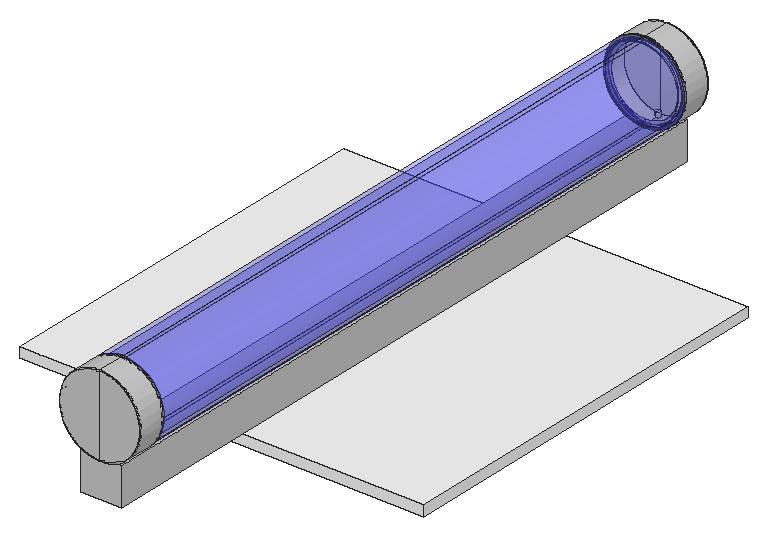
Revit family "BE_24592_de_DE", category Leuchten, Revit 2020
Family settings
  Basisbauteil = Fläche
  Bemaßung runder Anschluss = Durchmesser verwenden
  Teiletyp = Normal
  Beim Laden mit Abzugskörper schneiden = Ja
  Lichtquelle = Ja
  Gemeinsam genutzt = Nein
  Raumberechnungspunkt = Ja
Parameters (values of type "BEGA_24592_Silber_K4")
  built-in parameter 1150104 = 14.01 (stored number, unit not read)
  Wattage = 23.6 W
  Default Elevation = 0 mm
  built-in parameter 1150113 = 1 (stored number, unit not read)
  built-in parameter 1114218 = 1 (stored number, unit not read)
  Umgebungstemperatur = "25 °C"
  URL = "https://www.bega.com/de/produkt/24592"
  Typenkommentare = "© 2022 BEGA. Wir behalten uns das Recht vor, technische Änderungen ohne vorherige Ankündigung vorzunehmen."  # constant formula
  Type Image = 24592.png
  built-in parameter 1150134 = 12
  built-in parameter 1150109 = 1 (stored number, unit not read)
  Strom = ""
  built-in parameter 1150110 = 1 (stored number, unit not read)
  Spannung = 239.996 V
  Sonderanfertigung = no
  Seriennummer [instance] = "Hier können Sie die eindeutige Seriennummer für das Facility Management eintragen."
  Schutzklasse = "I"
  Schutzart = "IP 65"
  Scheinlast = 0 VA
  Produktdatenblatt = "https://cdn.bega.com/bega/products/24592K3/current/documents/data-sheets/de"
  Oberflächentemperatur = ""
  Neigungswinkel = 0.00°
  Modell = "24592AK4"
  Material_18 = BEGA_Gummi_schwarz
  Material_17 = BEGA_Reflektor
  Material_15 = BEGA_Leuchtmedium_matt
  Material_11 = BEGA_Glas_opal
  Material_09 = BEGA_Glas_klar
  Material_06 = BEGA_Oberfläche_Edelstahl_gebürstet
  Material_05 = BEGA_Oberfläche_Aluminium Guss
  Material_03 = BEGA_Oberfläche_Weiss_matt
  Material_02 = BEGA_Oberfläche_Silber_matt
  Material_01 [instance] = BEGA_Oberfläche_Grafit_matt
  M_W = no
  M_G = no
  M_A = yes
  Logo = 0
  built-in parameter 1114217 = 1 (stored number, unit not read)
  built-in parameter 1150139 = (empty or 0)
  built-in parameter 1150105 = 283.21 (stored number, unit not read)
  built-in parameter 1150114 = 1 (stored number, unit not read)
  Lumens = 3558.88 lm
  built-in parameter 1150115 = 1 (stored number, unit not read)
  Leuchtenlichtstrom = "2680 lm"
  Leuchtenanzahl = ""
  Lebensdauerkriterien = "L70B50 @ 25 °C = 144000 h"
  Lastklassifizierung = Beleuchtung
  built-in parameter 1150112 = 1 (stored number, unit not read)
  Lampenlichtstrom = "4480 lm"
  Lampe = "LED 23.2 W"
  LED_Modulbezeichnung = "4x LED-0627/840"
  built-in parameter 1150142 = (empty or 0)
  Hersteller = "BEGA"  # constant formula
  Halbstreuwinkel = ""
  Gewicht = "3.35 kg"
  Gebrauchslageneinschränkung [instance] = ""
  Frequenz = "0/50-60 Hz"
  Farbwiedergabeindex = "CRI > 80"
  Farbtemperaturverschiebung bei Dämpfen der Lampe = <Keine Auswahl>
  Farbtemperatur = "4000 K"
  Color Filter = 16777215
  built-in parameter 1150133 = 10 (stored number, unit not read)
  Energieeffizienzklasse = "LED A++ - A"
  built-in parameter 1150137 = (empty or 0)
  built-in parameter 1150132 = (empty or 0)
  ENEC = "ja"
  Dimmbar [instance] = "DALI"
  Datei für fotometrisches Netz = "BE_24592K4.IES"
  CE_Konformität = "ja"
  Bestellnummer = "24592AK4"
  Beschreibung_Sonderanfertigung = "Hier können Sie Informationen zur Sonderanfertigung eintragen."
  Beschreibung = "Wandleuchte"
  built-in parameter 1150106 = 2.8321 (stored number, unit not read)
  Befestigungsbohrung = "Ø 6 mm"
  Befestigungsabstand = "400 mm"
  Ballwurfsicher = ""
  BEGA_Intern_aus = yes
  BEGA_Intern_an = yes
  BEGA_Intern_Konstruktion = yes
  BEGA_Intern = yes
  BEGA_IES = yes
  BEGA_Dummy = no
  Anschlussleitung = ""
  Anschlussleistung [instance] = "27 W"
  Anschlusskasten = ""
  built-in parameter 1150107 = 4000 (stored number, unit not read)
  built-in parameter 1150102 = (empty or 0)
  built-in parameter 1150138 = (empty or 0)
  Aktualisierung = "2022-05-18T04:00:07"
  Abstand_zur_angestrahlten_Fläche [instance] = ""
  AC/DC = "AC/DC"
Types (4, lengths in mm): name | built-in parameter 1150134 | Modell | M_G | M_A | Leuchtenlichtstrom | Lampenlichtstrom | LED_Modulbezeichnung | Farbtemperatur | Datei für fotometrisches Netz | Bestellnummer | built-in parameter 1150107
  BEGA_24592_Silber_K4 | 12 | "24592AK4" | no | yes | "2680 lm" | "4480 lm" | "4x LED-0627/840" | "4000 K" | "BE_24592K4.IES" | "24592AK4" | 4000 (stored number, unit not read)
  BEGA_24592_Grafit_K4 | 12 | "24592K4" | yes | no | "2680 lm" | "4480 lm" | "4x LED-0627/840" | "4000 K" | "BE_24592K4.IES" | "24592K4" | 4000 (stored number, unit not read)
  BEGA_24592_Grafit_K3 | (empty or 0) | "24592K3" | yes | no | "2644 lm" | "4420 lm" | "4x LED-0627/830" | "3000 K" | "BE_24592K3.IES" | "24592K3" | 3000 (stored number, unit not read)
  BEGA_24592_Silber_K3 | (empty or 0) | "24592AK3" | no | yes | "2644 lm" | "4420 lm" | "4x LED-0627/830" | "3000 K" | "BE_24592K3.IES" | "24592AK3" | 3000 (stored number, unit not read)
Reference planes
  plane 1 "Mitte (Vorne/Hinten)": y = 0
  plane 2: z = 0
  plane 3 "Mitte (Links/Rechts)": x = 0
  plane 4 "Links": x = -40.25
  plane 5 "Rechts": x = 40.25
  plane 6 "Unten": y = -351.029
  plane 7 "Oben": y = 350.971
  plane 8 "Vorne": z = 115.538
  plane 9 "Hinten": z = 0
Forms (mm)
  Extrusion 1, solid, material "BEGA_Platte_Weiss"
    sketch origin (0, -1119.2, 0) x (1, 0, 0) y (0, 1, 0)
      loop
        line (-200, 1319.2) -> (-200, 919.2) -> (200, 919.2) -> (200, 1319.2) -> (-200, 1319.2)
    from 0 to -10
  Extrusion 2, solid, material "BEGA_Dummy_matt", visible <- "BEGA_Dummy"
    sketch origin (80.095, -76.023, 0) x (1, 0, 0) y (0, 1, 0)
      loop
        line (-120.345, 426.994) -> (-120.345, -275.006) -> (-39.845, -275.006) -> (-39.845, 426.994) -> (-120.345, 426.994)
    from 0 to 115.538
Dimensions and locks
  plane 1 "Mitte (Vorne/Hinten)" to Extrusion 1 = 200 mm
  aligned and locked: plane 2 to Extrusion 1
  aligned and locked: level to Extrusion 1
Nested families
  nested 1: "BE_24592" at (0, 0, 0) x (0, -1, 0) z (0, 0, 1), type "BE_24592"
Connectors
  electrical at (0, 0, 0), driven by "Lastklassifizierung", driven by "Spannung", driven by "Scheinlast"
    settings: index 1, voltage 239.996 V, apparent load 0 VA, apparent load phase1 0 VA, apparent load phase2 0 VA, apparent load phase3 0 VA, power factor 1, load classification "Beleuchtung", number of poles 1, system type 31, power factor state 1, is connector primary yes, connector utility no, sub classification motor no, connector description ""
Definition of nested family "BE_24592"
  Parameters (values of type "BE_24592")
    Default Elevation = 1 mm
    URL = "http://www.bega.de/de/produkt"
    Type Comments = "© 2015 BEGA. Wir behalten uns das Recht vor, technische Änderungen ohne vorherige Ankündigung vorzunehmen. "  # constant formula
    Type Image = (empty or 0)
    Neigungswinkel_um_Z2 = 0.00°
    Neigungswinkel_um_Z1 = 0.00°
    Neigungswinkel_um_Y2 = 0.00°
    Neigungswinkel_um_Y1 = 0.00°
    Neigungswinkel_um_X2 = 0.00°
    Neigungswinkel_um_X1 = 0.00°
    Material_18 = none
    Material_17 = none
    Material_15 = none
    Material_11 = none
    Material_09 = none
    Material_06 = none
    Material_05 = none
    Material_02 = none
    Material_01 = none
    M_W = yes
    M_G = yes
    M_A = yes
    Länge_Platte = 800 mm  # constant formula
    Höhe_Platte = -10 mm  # constant formula
    Manufacturer = "BEGA"  # constant formula
    Drehwinkel_um_Z2 = 0.00°
    Drehwinkel_um_Z1 = 0.00°
    Breite_Platte = 200 mm  # constant formula
  Reference planes
    plane 1 "Mitte (Oben/Unten)": y = 0
    plane 2: z = 0
    plane 3 "Mitte (Links/Rechts)": x = 0
    plane 4: y = 40.25
    plane 5: y = -40.25
    plane 6: z = 115.538
    plane 7: x = -350.971
    plane 8: x = 351.029
  Forms (mm)
    Extrusion 1, solid, detail levels medium
      sketch origin (0, 0, 0) x (1, 0, 0) y (0, 1, 0)
        loop
          line (-400, 100) -> (-400, -100) -> (400, -100) -> (400, 100) -> (-400, 100)
      from 0 to -10 <- "Höhe_Platte"
    Extrusion 2, solid, material <- "Material_01", visible <- "M_G", detail levels medium+fine
      sketch origin (0, 0, 0) x (0, 1, 0) y (0, 0, 1)
        loop
          line (20, 37.539) -> (18.186, 39.353)
          arc (18.186, 39.353) -> (0, 35.01) -> (-18.186, 39.353) r 40.25
          line (-18.186, 39.353) -> (-20, 37.539) -> (-20, 0) -> (-17.5, 0) -> (-17.5, 32) -> (17.5, 32) -> (17.5, 0) -> (20, 0) -> (20, 37.539)
      from -348.971 to 349.029
    Extrusion 3, void
      sketch origin (0, 0, 0) x (0, 1, 0) y (0, 0, 1)
        loop
          line (5, 25.9) -> (5, 31.6) -> (3, 31.6) -> (3, 40.21) -> (-3, 40.21) -> (-3, 31.6) -> (-5, 31.6) -> (-5, 25.9) -> (5, 25.9)
      from -349.576 to -333.659
    Extrusion 4, solid, material <- "Material_01", visible <- "M_G", detail levels medium+fine
      sketch origin (0, 0, 0) x (0, 1, 0) y (0, 0, 1)
        loop
          line (17.5, 0) -> (17.5, 32) -> (-17.5, 32) -> (-17.5, 0) -> (17.5, 0)
      from -348.971 to -345.971
    Extrusion 5, solid, material <- "Material_01", visible <- "M_G", detail levels medium+fine
      sketch origin (0, 0, 0) x (0, 1, 0) y (0, 0, -1)
        loop
          line (17.5, 0) -> (-17.5, 0) -> (-17.5, -32) -> (17.5, -32) -> (17.5, 0)
      from -349.029 to -346
    Revolve 6, solid, material <- "Material_01", visible <- "M_G", detail levels medium+fine
      sketch origin (0, 0, 0) x (1, 0, 0) y (0, 0, 1)
        loop
          line (350.529, 115.538) -> (323.829, 115.538) -> (325.128, 113.288) -> (347.031, 113.288)
          arc (347.031, 113.288) -> (347.853, 113.112) -> (348.529, 112.614) r 2
          line (348.529, 112.614) -> (348.529, 75.288) -> (351.029, 75.288) -> (351.029, 115.038)
          arc (351.029, 115.038) -> (350.882, 115.392) -> (350.529, 115.538) r 0.5
        axis (323.829, 75.288) -> (351.029, 75.288)
      angle from 0 to 360
    Revolve 7, solid, material <- "Material_18", detail levels medium+fine
      sketch origin (0, 0, 0) x (1, 0, 0) y (0, 0, 1)
        loop
          line (322.033, 115.521) -> (322.033, 113.604) -> (325.273, 113.604) -> (324.166, 115.521) -> (322.033, 115.521)
        axis (322.033, 75.26) -> (325.273, 75.26)
      angle from 0 to 360
    Revolve 8, solid, material <- "Material_18", detail levels medium+fine
      sketch origin (-0.044, 0, 0) x (-1, 0, 0) y (0, 0, -1)
        loop
          line (323.756, -115.488) -> (324.863, -113.57) -> (321.956, -113.57) -> (321.956, -115.488) -> (323.756, -115.488)
        axis (321.956, -75.26) -> (324.863, -75.26)
      angle from 0 to 360
    Revolve 9, solid, material <- "Material_01", visible <- "M_G", detail levels medium+fine
      sketch origin (0, 0, 0) x (-1, 0, 0) y (0, 0, -1)
        loop
          arc (350.471, -115.538) -> (350.825, -115.392) -> (350.971, -115.038) r 0.5
          line (350.971, -115.038) -> (350.971, -75.288) -> (342.971, -75.288) -> (342.971, -112.621) -> (325.07, -112.621) -> (323.771, -115.538) -> (350.471, -115.538)
        axis (323.771, -75.288) -> (350.971, -75.288)
      angle from 0 to 360
    Extrusion 10, void
      sketch origin (3.871, 0, 0) x (1, 0, 0) y (0, 1, 0)
        loop
          arc (-254, -3) -> (-251, 0) -> (-254, 3) r 3
          line (-254, 3) -> (-263.39, 3)
          arc (-263.39, 3) -> (-273.5, 0) -> (-263.39, -3) r 5.5
          line (-263.39, -3) -> (-254, -3)
        loop
          arc (146, -3) -> (149, 0) -> (146, 3) r 3
          line (146, 3) -> (136.61, 3)
          arc (136.61, 3) -> (126.5, 0) -> (136.61, -3) r 5.5
          line (136.61, -3) -> (146, -3)
      from 0 to 6.51
    Extrusion 11, solid, material <- "Material_01", visible <- "M_G", detail levels medium+fine
      sketch origin (5.029, 0, 0) x (1, 0, 0) y (0, 0, 1)
        loop
          line (-279, 3) -> (-279, 0) -> (-245, 0) -> (-245, 3) -> (-279, 3)
        loop
          line (121, 3) -> (121, 0) -> (155, 0) -> (155, 3) -> (121, 3)
      from -17.994 to 18.5
    Revolve 12, solid, material <- "Material_06", detail levels fine
      sketch origin (0, 0, 0) x (1, 0, 0) y (0, 0, 1)
        loop
          line (-341.221, 42.072) -> (-341.221, 32.022) -> (-342.721, 32.022)
          arc (-342.721, 32.022) -> (-343.075, 31.876) -> (-343.221, 31.522) r 0.5
          line (-343.221, 31.522) -> (-343.221, 29.022)
          arc (-343.221, 29.022) -> (-343.075, 28.669) -> (-342.721, 28.522) r 0.5
          line (-342.721, 28.522) -> (-338.971, 28.522) -> (-338.971, 42.072) -> (-341.221, 42.072)
        axis (-338.971, 28.522) -> (-338.971, 42.072)
      angle from 0 to 360
    Revolve 13, solid, material <- "Material_11", detail levels medium+fine
      sketch origin (0, 0, 0) x (1, 0, 0) y (0, 0, 1)
        loop
          line (322, 115.288) -> (-322, 115.288) -> (-322, 113.288)
          arc (-322, 113.288) -> (-322.469, 112.096) -> (-323.625, 111.542) r 1.75
          line (-323.625, 111.542) -> (-323.625, 108.54)
          arc (-323.625, 108.54) -> (-321, 109.415) -> (-319.308, 111.604) r 4.75
          arc (-319.308, 111.604) -> (-318.944, 112.099) -> (-318.36, 112.288) r 1
          line (-318.36, 112.288) -> (318.345, 112.288)
          arc (318.345, 112.288) -> (318.916, 112.109) -> (319.283, 111.636) r 1
          arc (319.283, 111.636) -> (320.973, 109.425) -> (323.611, 108.54) r 4.75
          line (323.611, 108.54) -> (323.611, 111.542)
          arc (323.611, 111.542) -> (322.532, 112.018) -> (322, 113.071) r 1.75
          line (322, 113.071) -> (322, 115.288)
        axis (-323.625, 75.26) -> (323.611, 75.26)
      angle from 0 to 360
    Revolve 14, solid, material <- "Material_06", detail levels fine
      sketch origin (0, 0, 0) x (1, 0, 0) y (0, 0, 1)
        loop
          line (-351.221, 84.038) -> (-351.221, 75.288) -> (-347.936, 75.288) -> (-347.936, 85.038) -> (-350.221, 85.038) -> (-351.221, 84.038)
        axis (-347.936, 75.288) -> (-351.221, 75.288)
      angle from 0 to 360
    Extrusion 15, solid, material <- "Material_02", visible <- "M_A", detail levels medium+fine
      sketch origin (0, 0, 0) x (0, 1, 0) y (0, 0, 1)
        loop
          line (20, 37.539) -> (18.186, 39.353)
          arc (18.186, 39.353) -> (0, 35.01) -> (-18.186, 39.353) r 40.25
          line (-18.186, 39.353) -> (-20, 37.539) -> (-20, 0) -> (-17.5, 0) -> (-17.5, 32) -> (17.5, 32) -> (17.5, 0) -> (20, 0) -> (20, 37.539)
      from -348.971 to 349.029
    Extrusion 16, solid, material <- "Material_02", visible <- "M_A", detail levels medium+fine
      sketch origin (0, 0, 0) x (0, 1, 0) y (0, 0, 1)
        loop
          line (17.5, 0) -> (17.5, 32) -> (-17.5, 32) -> (-17.5, 0) -> (17.5, 0)
      from -348.971 to -345.971
    Extrusion 17, solid, material <- "Material_02", visible <- "M_A", detail levels medium+fine
      sketch origin (0, 0, 0) x (0, 1, 0) y (0, 0, -1)
        loop
          line (17.5, 0) -> (-17.5, 0) -> (-17.5, -32) -> (17.5, -32) -> (17.5, 0)
      from -349.029 to -346
    Revolve 18, solid, material <- "Material_02", visible <- "M_A", detail levels medium+fine
      sketch origin (0, 0, 0) x (1, 0, 0) y (0, 0, 1)
        loop
          line (350.529, 115.538) -> (323.829, 115.538) -> (325.128, 113.288) -> (347.031, 113.288)
          arc (347.031, 113.288) -> (347.853, 113.112) -> (348.529, 112.614) r 2
          line (348.529, 112.614) -> (348.529, 75.288) -> (351.029, 75.288) -> (351.029, 115.038)
          arc (351.029, 115.038) -> (350.882, 115.392) -> (350.529, 115.538) r 0.5
        axis (323.829, 75.288) -> (351.029, 75.288)
      angle from 0 to 360
    Revolve 19, solid, material <- "Material_02", visible <- "M_A", detail levels medium+fine
      sketch origin (0, 0, 0) x (-1, 0, 0) y (0, 0, -1)
        loop
          arc (350.471, -115.538) -> (350.825, -115.392) -> (350.971, -115.038) r 0.5
          line (350.971, -115.038) -> (350.971, -75.288) -> (342.971, -75.288) -> (342.971, -112.621) -> (325.07, -112.621) -> (323.771, -115.538) -> (350.471, -115.538)
        axis (323.771, -75.288) -> (350.971, -75.288)
      angle from 0 to 360
    Extrusion 20, solid, material <- "Material_02", visible <- "M_A", detail levels medium+fine
      sketch origin (75.029, 0, 0) x (1, 0, 0) y (0, 0, 1)
        loop
          line (-349, 3) -> (-349, 0) -> (-315, 0) -> (-315, 3) -> (-349, 3)
        loop
          line (51, 3) -> (51, 0) -> (85, 0) -> (85, 3) -> (51, 3)
      from -17.994 to 18.5
    Revolve 21, void
      sketch origin (0, 0, 0) x (1, 0, 0) y (0, 0, 1)
        loop
          line (-351.925, 85.288) -> (-351.925, 75.288) -> (-347.936, 75.288) -> (-347.936, 85.288) -> (-351.925, 85.288)
        axis (-351.925, 75.288) -> (-347.936, 75.288)
      angle from 0 to 360
  Cuts and joins
    Extrusion 3, Extrusion 10 cuts Extrusion 2
    Extrusion 3, Extrusion 10 cuts Extrusion 4
    Extrusion 10 cuts Extrusion 5
    Extrusion 10 cuts Extrusion 11
    joined: Extrusion 2, Extrusion 4, Extrusion 5, Extrusion 11
    Revolve 21 cuts Revolve 9
    Revolve 21 cuts Revolve 19
    Extrusion 3 cuts Extrusion 15
    Extrusion 3 cuts Extrusion 16
    Extrusion 3 cuts Extrusion 17
    Extrusion 3, Extrusion 10 cuts Extrusion 20
    joined: Extrusion 15, Extrusion 16, Extrusion 17, Extrusion 20
  Dimensions and locks
    equal spacing: Extrusion 1 sketch curve, plane 3 "Mitte (Links/Rechts)", Extrusion 1 sketch curve
    equal spacing: Extrusion 1 sketch curve, plane 1 "Mitte (Oben/Unten)", Extrusion 1 sketch curve
    "Länge_Platte": Extrusion 1 sketch curve to Extrusion 1 sketch curve
    "Breite_Platte": Extrusion 1 sketch curve to Extrusion 1 sketch curve
    aligned and locked: Extrusion 1 to plane 2
    aligned and locked: level to Extrusion 1
  Automatic sketch dimensions
    Extrusion 2 sketch curve to level = 0 mm  (x2)
    Extrusion 2 sketch curve to plane 1 "Mitte (Oben/Unten)" = 0 mm
    plane 1 "Mitte (Oben/Unten)" to Extrusion 2 sketch curve = 17.5 mm
    Extrusion 2 sketch curve to Extrusion 2 sketch curve = 0.686 mm  (x2)
    Extrusion 2 sketch curve to Extrusion 2 sketch curve = 1.814 mm  (x2)
    Extrusion 2 sketch curve to plane 1 "Mitte (Oben/Unten)" = 17.5 mm
    Extrusion 2 sketch curve to Extrusion 2 sketch curve = 2.5 mm
    Extrusion 2 sketch curve to Extrusion 2 sketch curve = 32 mm
    Extrusion 2 sketch curve to Extrusion 2 sketch curve = 5.539 mm  (x2)
    Extrusion 2 sketch curve to Extrusion 2 sketch curve = 35.907 mm
    plane 1 "Mitte (Oben/Unten)" to Extrusion 3 sketch curve = 5 mm
    Extrusion 3 sketch curve to Extrusion 3 sketch curve = 2 mm  (x2)
    Extrusion 3 sketch curve to plane 1 "Mitte (Oben/Unten)" = 3 mm
    level to Extrusion 3 sketch curve = 25.9 mm
    Extrusion 3 sketch curve to Extrusion 3 sketch curve = 5.7 mm
    Extrusion 3 sketch curve to Extrusion 3 sketch curve = 0 mm
    Extrusion 3 sketch curve to Extrusion 3 sketch curve = 8.61 mm
    Extrusion 4 sketch curve to level = 0 mm
    plane 1 "Mitte (Oben/Unten)" to Extrusion 4 sketch curve = 17.5 mm
    Extrusion 4 sketch curve to plane 1 "Mitte (Oben/Unten)" = 17.5 mm
    Extrusion 4 sketch curve to Extrusion 4 sketch curve = 32 mm
    Extrusion 5 sketch curve to level = 0 mm
    plane 1 "Mitte (Oben/Unten)" to Extrusion 5 sketch curve = 17.5 mm
    Extrusion 5 sketch curve to plane 1 "Mitte (Oben/Unten)" = 17.5 mm
    level to Extrusion 5 sketch curve = 32 mm
    Revolve 6 sketch curve to Revolve 6 sketch curve = 1.299 mm
    Revolve 6 sketch curve to Revolve 6 sketch curve = 21.903 mm
    Revolve 6 sketch curve to Revolve 6 sketch curve = 1.498 mm
    Revolve 6 sketch curve to Revolve 6 sketch curve = 2 mm
    Revolve 6 sketch curve to Revolve 6 sketch curve = 2.5 mm
    level to Revolve 6 sketch curve = 75.288 mm
    Revolve 6 sketch curve to Revolve 6 sketch curve = 36 mm
    Revolve 6 sketch curve to Revolve 6 sketch curve = 1.326 mm
    Revolve 6 sketch curve to Revolve 6 sketch curve = 2.424 mm
    Revolve 6 sketch curve to Revolve 6 sketch curve = 0 mm  (x3)
    Extrusion 11 sketch curve to level = 0 mm  (x2)
    Extrusion 11 sketch curve to Extrusion 11 sketch curve = 34 mm  (x2)
    level to Extrusion 11 sketch curve = 3 mm  (x2)
    plane 3 "Mitte (Links/Rechts)" to Extrusion 11 sketch curve = 126.029 mm
    Revolve 12 sketch curve to Revolve 12 sketch curve = 0.5 mm  (x2)
    Revolve 12 sketch curve to Revolve 12 sketch curve = 1.5 mm
    Revolve 12 sketch curve to Revolve 12 sketch curve = 2.25 mm
    level to Revolve 12 sketch curve = 28.522 mm
    Revolve 12 sketch curve to Revolve 12 sketch curve = 2.5 mm
    Revolve 12 sketch curve to Revolve 12 sketch curve = 10.05 mm
    Revolve 12 sketch curve to Revolve 12 sketch curve = 0 mm  (x2)
    Revolve 12 sketch curve to Revolve 12 sketch curve = 0.3 mm
    Revolve 13 sketch curve to Revolve 13 sketch curve = 0 mm  (x8)
    Revolve 13 sketch curve to Revolve 13 sketch curve = 0.125 mm  (x2)
    Revolve 13 sketch curve to Revolve 13 sketch curve = 1.75 mm
    Revolve 13 sketch curve to Revolve 13 sketch curve = 3.64 mm
    Revolve 13 sketch curve to Revolve 13 sketch curve = 3.655 mm
    Revolve 13 sketch curve to Revolve 13 sketch curve = 1.611 mm
    Revolve 13 sketch curve to Revolve 13 sketch curve = 2.748 mm  (x2)
    Revolve 13 sketch curve to Revolve 13 sketch curve = 3.003 mm  (x2)
    Revolve 13 sketch curve to Revolve 13 sketch curve = 1 mm
    Revolve 13 sketch curve to Revolve 13 sketch curve = 1.528 mm
    Revolve 13 sketch curve to Revolve 13 sketch curve = 1.746 mm
    Revolve 13 sketch curve to Revolve 13 sketch curve = 2 mm
    Revolve 13 sketch curve to Revolve 13 sketch curve = 0.938 mm
    Revolve 13 sketch curve to Revolve 13 sketch curve = 72.611 mm
    Revolve 13 sketch curve to Revolve 13 sketch curve = 16.142 mm
    Revolve 13 sketch curve to Revolve 13 sketch curve = 33.28 mm
    Revolve 9 sketch curve to Revolve 9 sketch curve = 1.299 mm
    Revolve 9 sketch curve to Revolve 9 sketch curve = 17.901 mm
    Revolve 9 sketch curve to Revolve 9 sketch curve = 8 mm
    Revolve 9 sketch curve to Revolve 9 sketch curve = 2.917 mm
    Revolve 9 sketch curve to Revolve 9 sketch curve = 2.5 mm
    Revolve 9 sketch curve to Revolve 9 sketch curve = 0 mm  (x2)
    Revolve 9 sketch curve to Revolve 9 sketch curve = 0.5 mm
    Revolve 9 sketch curve to Revolve 9 sketch curve = 37.333 mm
    Revolve 9 sketch curve to plane 3 "Mitte (Links/Rechts)" = 323.771 mm
    Extrusion 11 sketch curve to plane 3 "Mitte (Links/Rechts)" = 239.971 mm
    Revolve 12 sketch curve to plane 3 "Mitte (Links/Rechts)" = 343.221 mm
    Revolve 13 sketch curve to plane 3 "Mitte (Links/Rechts)" = 318.36 mm
    plane 3 "Mitte (Links/Rechts)" to Revolve 6 sketch curve = 323.829 mm
    plane 3 "Mitte (Links/Rechts)" to Revolve 13 sketch curve = 318.345 mm
    Revolve 13 sketch curve to Revolve 13 sketch curve = 3.748 mm
    Extrusion 15 sketch curve to level = 0 mm  (x2)
    Extrusion 15 sketch curve to plane 1 "Mitte (Oben/Unten)" = 0 mm
    plane 1 "Mitte (Oben/Unten)" to Extrusion 15 sketch curve = 17.5 mm
    Extrusion 15 sketch curve to Extrusion 15 sketch curve = 0.686 mm  (x2)
    Extrusion 15 sketch curve to Extrusion 15 sketch curve = 1.814 mm  (x2)
    Extrusion 15 sketch curve to plane 1 "Mitte (Oben/Unten)" = 17.5 mm
    Extrusion 15 sketch curve to Extrusion 15 sketch curve = 2.5 mm
    Extrusion 15 sketch curve to Extrusion 15 sketch curve = 32 mm
    Extrusion 15 sketch curve to Extrusion 15 sketch curve = 5.539 mm  (x2)
    Extrusion 15 sketch curve to Extrusion 15 sketch curve = 35.907 mm
    Extrusion 16 sketch curve to level = 0 mm
    plane 1 "Mitte (Oben/Unten)" to Extrusion 16 sketch curve = 17.5 mm
    Extrusion 16 sketch curve to plane 1 "Mitte (Oben/Unten)" = 17.5 mm
    Extrusion 16 sketch curve to Extrusion 16 sketch curve = 32 mm
    Extrusion 17 sketch curve to level = 0 mm
    plane 1 "Mitte (Oben/Unten)" to Extrusion 17 sketch curve = 17.5 mm
    Extrusion 17 sketch curve to plane 1 "Mitte (Oben/Unten)" = 17.5 mm
    level to Extrusion 17 sketch curve = 32 mm
    Revolve 18 sketch curve to Revolve 18 sketch curve = 1.498 mm
    Revolve 18 sketch curve to Revolve 18 sketch curve = 21.903 mm
    Revolve 18 sketch curve to Revolve 18 sketch curve = 1.299 mm
    Revolve 18 sketch curve to Revolve 18 sketch curve = 0.674 mm
    Revolve 18 sketch curve to Revolve 18 sketch curve = 36 mm
    Revolve 18 sketch curve to Revolve 18 sketch curve = 0 mm  (x3)
    Revolve 19 sketch curve to Revolve 19 sketch curve = 17.901 mm
    Revolve 19 sketch curve to Revolve 19 sketch curve = 1.299 mm
    Revolve 19 sketch curve to Revolve 19 sketch curve = 37.333 mm
    Revolve 19 sketch curve to Revolve 19 sketch curve = 0 mm  (x2)
    Extrusion 20 sketch curve to level = 0 mm  (x2)
    Extrusion 20 sketch curve to Extrusion 20 sketch curve = 34 mm  (x2)
    level to Extrusion 20 sketch curve = 3 mm
    plane 3 "Mitte (Links/Rechts)" to Extrusion 20 sketch curve = 126.029 mm
    Extrusion 20 sketch curve to Extrusion 20 sketch curve = 3 mm
    Revolve 8 sketch curve to Revolve 8 sketch curve = 1.8 mm
    Revolve 8 sketch curve to Revolve 8 sketch curve = 1.107 mm
    Revolve 8 sketch curve to Revolve 8 sketch curve = 38.31 mm
    Revolve 7 sketch curve to Revolve 7 sketch curve = 2.133 mm
    Revolve 7 sketch curve to Revolve 7 sketch curve = 1.107 mm
    Revolve 7 sketch curve to Revolve 7 sketch curve = 1.918 mm
    plane 1 "Mitte (Oben/Unten)" to Extrusion 10 sketch curve = 0 mm  (x4)
    Extrusion 10 sketch curve to Extrusion 10 sketch curve = 4.61 mm  (x2)
    plane 1 "Mitte (Oben/Unten)" to Extrusion 10 sketch curve = 3 mm  (x2)
    Extrusion 10 sketch curve to Extrusion 10 sketch curve = 9.39 mm  (x2)
    plane 3 "Mitte (Links/Rechts)" to Extrusion 10 sketch curve = 135.871 mm
    Revolve 8 sketch curve to plane 3 "Mitte (Links/Rechts)" = 322 mm
    Revolve 8 sketch curve to Revolve 8 sketch curve = 62.332 mm
    Revolve 8 sketch curve to Revolve 8 sketch curve = 8.624 mm
    Extrusion 10 sketch curve to plane 3 "Mitte (Links/Rechts)" = 250.129 mm
    Revolve 19 sketch curve to plane 3 "Mitte (Links/Rechts)" = 323.771 mm
    Revolve 19 sketch curve to Revolve 19 sketch curve = 7.5 mm
    Revolve 19 sketch curve to Revolve 19 sketch curve = 2.5 mm
    Extrusion 20 sketch curve to plane 3 "Mitte (Links/Rechts)" = 239.971 mm
    plane 3 "Mitte (Links/Rechts)" to Revolve 7 sketch curve = 322.033 mm
    Revolve 7 sketch curve to Revolve 7 sketch curve = 62.409 mm
    Revolve 7 sketch curve to Revolve 7 sketch curve = 8.624 mm
    plane 3 "Mitte (Links/Rechts)" to Revolve 18 sketch curve = 323.829 mm
    Revolve 18 sketch curve to Revolve 18 sketch curve = 2 mm
    level to Revolve 7 sketch curve = 113.604 mm
    Revolve 7 sketch curve to Revolve 7 sketch curve = 38.344 mm
    level to Revolve 8 sketch curve = 115.488 mm
    Revolve 8 sketch curve to Revolve 8 sketch curve = 1.918 mm
    level to Revolve 9 sketch curve = 115.538 mm
    level to Revolve 13 sketch curve = 108.54 mm
    level to Revolve 18 sketch curve = 75.288 mm
    Revolve 18 sketch curve to Revolve 18 sketch curve = 2.424 mm
    Revolve 19 sketch curve to Revolve 19 sketch curve = 0.5 mm
    level to Revolve 19 sketch curve = 115.538 mm
    Revolve 19 sketch curve to Revolve 19 sketch curve = 2.917 mm
    Revolve 18 sketch curve to plane 6 = 0 mm
    Revolve 21 sketch curve to plane 6 = 40.25 mm
    Revolve 21 sketch curve to plane 3 "Mitte (Links/Rechts)" = 351.925 mm
    Revolve 21 sketch curve to Revolve 21 sketch curve = 3.99 mm
    Revolve 21 sketch curve to Revolve 21 sketch curve = 10 mm
    Revolve 14 sketch curve to plane 6 = 40.25 mm
    Revolve 14 sketch curve to plane 3 "Mitte (Links/Rechts)" = 351.221 mm
    Revolve 14 sketch curve to plane 6 = 30.5 mm
    Revolve 14 sketch curve to Revolve 14 sketch curve = 1 mm  (x2)
    Revolve 14 sketch curve to Revolve 14 sketch curve = 3.285 mm
    Revolve 14 sketch curve to Revolve 14 sketch curve = 0.285 mm
    Revolve 14 sketch curve to Revolve 14 sketch curve = 0 mm  (x2)
